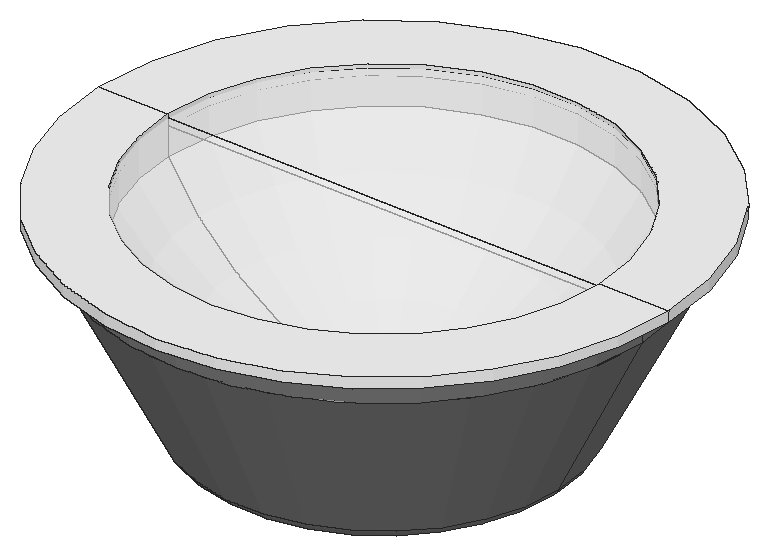
Revit family "30506", category Lighting Fixtures, host Face, Revit 2018
Family settings
  Host = Face
  Round Connector Dimension = Use Diameter
  Part Type = Normal
  OmniClass Number = 23.80.70.00
  OmniClass Title = Lighting
  Cut with Voids When Loaded = No
  Light Source = Yes
  Shared = No
  Room Calculation Point = No
Parameters (values of type "0030506 INSAVER SLIM UGR19 IP44 225 2950LM 830")
  WidthBezel_SYL = if(Size1_SYL, 20 mm, if(Size2_SYL, 20 mm, if(Size3PIR_SYL, 30 mm, if(Size4_SYL, 20 mm, 20 mm))))  # 20 mm
  Weight = "n/a"
  Wattage Comments = ""
  Wattage = 9 W
  WarrantyStartDate [instance] = "n/a"
  WarrantyGuarantorParts = "n/a"
  WarrantyDurationUnit = "n/a"
  WarrantyDurationParts = ""
  WarrantyDescription = "http://www.sylvania-lighting.com"
  built-in parameter 1150110 = 1 (stored number, unit not read)
  Voltage = 230 V
  VisibilityPIR_SYL = Size3PIR_SYL  # no
  URL = "0.9"
  TypeName = "Insaver Slim UGR19 IP44 225 2950LM 830"
  Type Image = <None>
  Type Comments = "n/a"
  built-in parameter 1114217 = 1 (stored number, unit not read)
  Tilt Angle = -90.00°
  built-in parameter 1150109 = 1 (stored number, unit not read)
  built-in parameter 1150134 = (empty or 0)
  built-in parameter 1150113 = 1 (stored number, unit not read)
  Size4_SYL = no
  Size3PIR_SYL = no
  Size2_SYL = no
  Size1_SYL = yes
  SerialNumber [instance] = "n/a"
  RadiusTop_SYL = 6 mm
  RadiusReflector_SYL = if(Size1_SYL, 85 mm, if(Size2_SYL, 85 mm, if(Size3PIR_SYL, 85 mm, if(Size4_SYL, 100 mm, 120 mm))))  # 85 mm
  Photometric Web File = "0030506.IES"
  Material_3_FEILO = Top-Sylvania-STARTDownlight
  PowerFactor = 0.9
  PowerConsumption = "Lighting"
  NominalLength = 165 mm
  NominalHeight = 50 mm
  NominalDepth = 165 mm
  Name = "Insaver Slim UGR19 IP44 225 2950LM 830"
  ModelReference = Name  # "Insaver Slim UGR19 IP44 225 2950LM 830"
  ModelNumber = "0030506"
  Model = Name  # "Insaver Slim UGR19 IP44 225 2950LM 830"
  Material = "Feilo Sylvania"
  ManufacturerName = "123 lm/W"
  Manufacturer = ""
  LuminousEfficacy = ""
  built-in parameter 1150105 = 83.795 (stored number, unit not read)
  Lumens = 1053 lm
  LuminaireType = "0"
  built-in parameter 1150115 = 1 (stored number, unit not read)
  LightOutputRatio = "LED"
  built-in parameter 1150137 = (empty or 0)
  built-in parameter 1150139 = (empty or 0)
  LampsType = Lamp  # "n/a"
  LampNominalLuminous = "3000 K"
  LampMacAdamStep = "80"
  LampColourTemperature = "LED"
  LampColourRenderingIndex = "16500"
  built-in parameter 1150112 = 1 (stored number, unit not read)
  built-in parameter 1150114 = 1 (stored number, unit not read)
  Lamp = "n/a"
  Keynote = "n/a"
  InstallationDate [instance] = "n/a"
  InputVoltage = "0"
  InputNominalFrequency = "3000"
  built-in parameter 1150132 = (empty or 0)
  built-in parameter 1150102 = (empty or 0)
  built-in parameter 1150107 = 3000 (stored number, unit not read)
  built-in parameter 1150138 = (empty or 0)
  IngressProtection = "IfcLightFixtureType"
  ImpactProtectionIndex = "IfcLightFixtureType"
  built-in parameter 1150106 = 0.83795 (stored number, unit not read)
  IfcExportType = "IfcLightFixtureType"
  IfcExportAs = "Class II"
  Height_SYL = if(Size1_SYL, 61 mm, if(Size2_SYL, 61 mm, if(Size3PIR_SYL, 61 mm, if(Size4_SYL, 61 mm, 60 mm))))  # 61 mm
  HeightBezel_SYL = if(Size1_SYL, 3 mm, if(Size2_SYL, 3 mm, if(Size3PIR_SYL, 3 mm, if(Size4_SYL, 3.2 mm, 3 mm))))  # 3 mm
  ExpectedLife = 50000
  Emit from Circle Diameter = Diameter_SYL - 40 mm  # 125 mm
  Emit Shape Visible in Rendering = no
  ElectricShockClassification = "123"
  built-in parameter 1150104 = 10.87 (stored number, unit not read)
  DurationUnit = "hours"
  DocumentationLiterature = "http://www.sylvania-lighting.com/product/en-int/products/0030506"
  DimmingControlOptions = "n/a"
  Material_2_FEILO = Diffuser-Sylvania-STARTDownlight
  Dimming Lamp Color Temperature Shift = <None>
  Diameter_SYL = if(Size1_SYL, 165 mm, if(Size2_SYL, 190 mm, if(Size3PIR_SYL, 211 mm, if(Size4_SYL, 220 mm, 240 mm))))  # 165 mm
  DiameterTop_SYL = if(Size1_SYL, 98 mm, if(Size2_SYL, 122 mm, if(Size3PIR_SYL, 120 mm, if(Size4_SYL, 135 mm, 158 mm))))  # 98 mm
  DiameterTopBase_SYL = DiameterRecess_SYL  # 150 mm
  DiameterRecess_SYL = if(Size1_SYL, 150 mm, if(Size2_SYL, 170 mm, if(Size3PIR_SYL, 186 mm, if(Size4_SYL, 200 mm, 225 mm))))  # 150 mm
  Description = "Insaver Slim is a ceiling recessed LED downlight (IP44 from the front),Die-cast aluminium body, loop in loop out connector for quick installation, Non dimmable LED driver, 24W; 2950lm; 123lm/W; 3000K; UGR <19 with shallow product depth 65mm. Meets TP(a) requirements."
  Default Elevation = 1219.2 mm
  CreatedOn = "05/03/2024"
  CreatedBy = "@sylvania-lighting.com"
  Cost = 0
  Color Filter = 16777215
  built-in parameter 1114216 [instance] = (empty or 0)
  ClassificationValue = "EF_70_80"
  ClassificationName = "Uniclass2015"
  Material_1_FEILO = Trim-Sylvania-STARTDownlight-White
  BarCode [instance] = "n/a"
  built-in parameter 1114218 = 1 (stored number, unit not read)
  built-in parameter 1150133 = 10 (stored number, unit not read)
  AssetType = "Fixed"
  AssetIdentifier [instance] = "n/a"
  Assembly Code = "D5020200"
  Apparent Load = 24 VA
  Material_4_FEILO = LED-Sylvania-STARTDownlight
Reference planes
  plane 1 "Center (Front/Back)": y = 0
  plane 2: z = 0
  plane 3 "Center (Left/Right)": x = 0
  plane 4: x = 82.5
  plane 5: x = -82.5
  plane 6: z = 3
  plane 7: z = -8
  plane 8: z = -58
  plane 9: x = -75
  plane 10: x = 75
  plane 11: x = -49
  plane 12: x = 49
  plane 13: z = -85
  plane 14: x = -62.5
  plane 15: z = 2
  plane 16: z = -46
  plane 17: x = -16
  plane 18: x = -67.5
  plane 19: x = -81.5
  plane 20: x = -99.5
  plane 21: x = -76.5
  plane 22: z = 5.5
  plane 23: z = 8.7
  plane 24: x = -75.5
  plane 25: z = 13.7
Forms (mm)
  Revolve 1, void
    sketch origin (0, 0, 0) x (1, 0, 0) y (0, 0, 1)
      loop
        line (0, 0) -> (-75, 0) -> (-75, -85) -> (0, -85) -> (0, 0)
      axis (0, 0) -> (0, -85)
    angle from 360 to 0
  Revolve 2, solid, material "Trim-Sylvania-STARTDownlight-White" <- "Material_1_FEILO"
    sketch origin (0, 0, 0) x (1, 0, 0) y (0, 0, 1)
      loop
        line (-62.5, 3) -> (-82.5, 3) -> (-82.5, 0) -> (-75, 0) -> (-75, -8) -> (-50.681, -54.768)
        arc (-50.681, -54.768) -> (-48.471, -57.129) -> (-45.357, -58) r 6
        line (-45.357, -58) -> (0, -58) -> (0, -46) -> (-16, -46)
        arc (-16, -46) -> (-42.718, -31.243) -> (-62.5, -8) r 85
        line (-62.5, -8) -> (-62.5, 3)
      axis (0, 3) -> (0, -58)
    angle from 360 to 0
  Revolve 3, solid, material "Diffuser-Sylvania-STARTDownlight" <- "Material_2_FEILO"
    sketch origin (0, 0, 0) x (1, 0, 0) y (0, 0, 1)
      loop
        line (-62.5, 0) -> (0, 0) -> (0, 2) -> (-62.5, 2) -> (-62.5, 0)
      axis (0, 2) -> (0, 0)
    angle from 360 to 0
  Revolve 4, solid, material "Trim-Sylvania-STARTDownlight-White" <- "Material_1_FEILO", visible <- "VisibilityPIR_SYL"
    sketch origin (0, 0, 0) x (1, 0, 0) y (0, 0, 1)
      loop
        line (-67.5, 3) -> (-67.5, 13.7)
        arc (-67.5, 13.7) -> (-72.217, 12.347) -> (-75.5, 8.7) r 8.9
        line (-75.5, 8.7) -> (-75.5, 5.5) -> (-76.5, 5.5) -> (-76.5, 3) -> (-67.5, 3)
      axis (-67.5, 13.7) -> (-67.5, 3)
    angle from 360 to 0
Dimensions and locks
  equal spacing: plane 4, plane 3 "Center (Left/Right)", plane 5
  "Diameter_SYL": plane 4 to plane 5
  equal spacing: plane 10, plane 3 "Center (Left/Right)", plane 9
  equal spacing: plane 12, plane 3 "Center (Left/Right)", plane 11
  "DiameterTop_SYL": plane 12 to plane 11
  "HeightBezel_SYL": plane 6 to plane 2
  "Height_SYL": plane 6 to plane 8
  locked: plane 2 to plane 7 at 8
  locked: plane 2 to plane 13 at 85
  "WidthBezel_SYL": plane 14 to plane 5
  locked: plane 6 to plane 15 at 1
  "DiameterRecess_SYL": plane 10 to plane 9
  locked: plane 3 "Center (Left/Right)" to plane 17 at 16
  locked: plane 16 to plane 8 at 12
  locked: plane 18 to plane 21 at 9
  locked: plane 22 to plane 6 at 2.5
  locked: plane 23 to plane 22 at 3.2
  locked: plane 18 to plane 24 at 8
  locked: plane 25 to plane 23 at 5
  locked: plane 25 to Revolve 4 sketch curve at 8.9
  locked: plane 18 to plane 5 at 15
  "RadiusReflector_SYL": radius of Revolve 2 sketch curve
  "RadiusTop_SYL": radius of Revolve 2 sketch curve
  aligned and locked: plane 2 to host face
  aligned and locked: level to host face
  aligned and locked: Revolve 1 sketch curve to plane 3 "Center (Left/Right)"
  aligned and locked: plane 3 "Center (Left/Right)" to Revolve 1 sketch curve
  aligned and locked: Revolve 1 sketch curve to plane 9
  aligned and locked: plane 13 to Revolve 1 sketch curve
  aligned and locked: plane 3 "Center (Left/Right)" to imposter light
  aligned and locked: imposter light to plane 15
  aligned and locked: imposter light to plane 1 "Center (Front/Back)"
  aligned and locked: Revolve 2 sketch curve to plane 3 "Center (Left/Right)"
  aligned and locked: Revolve 2 sketch curve to plane 6
  aligned and locked: Revolve 2 sketch curve to plane 5
  aligned and locked: Revolve 2 sketch curve to level
  aligned and locked: plane 7 to Revolve 2 sketch curve  (x2)
  aligned and locked: Revolve 2 sketch curve to plane 9
  aligned and locked: plane 8 to Revolve 2 sketch curve
  aligned and locked: Revolve 2 sketch curve to plane 14
  aligned and locked: plane 3 "Center (Left/Right)" to Revolve 2 sketch curve
  aligned and locked: Revolve 2 sketch curve to plane 16
  aligned and locked: Revolve 3 sketch curve to plane 3 "Center (Left/Right)"
  aligned and locked: Revolve 3 sketch curve to level
  aligned and locked: imposter light to Revolve 3 sketch curve  (x2)
  aligned and locked: Revolve 4 sketch curve to plane 18  (x2)
  aligned and locked: Revolve 4 sketch curve to plane 6
  aligned and locked: plane 22 to Revolve 4 sketch curve
  aligned and locked: plane 24 to Revolve 4 sketch curve
  aligned and locked: Revolve 4 sketch curve to Revolve 4 sketch curve
  aligned and locked: plane 21 to Revolve 4 sketch curve
Automatic sketch dimensions
  host sketch curve to host sketch curve = 2438.4 mm  (x2)
  plane 13 to Revolve 1 sketch curve = 524.6 mm
  Revolve 1 sketch curve to plane 6 = 2606.058 mm
  Revolve 1 sketch curve to level = 0 mm
  Revolve 2 sketch curve to plane 17 = 0 mm
  Revolve 2 sketch curve to plane 11 = 1.681 mm
  plane 11 to Revolve 2 sketch curve = 3.643 mm
  plane 13 to Revolve 2 sketch curve = 524.6 mm
  Revolve 2 sketch curve to Revolve 2 sketch curve = 2577.983 mm
  Revolve 3 sketch curve to plane 14 = 0 mm
  plane 13 to Revolve 3 sketch curve = 524.6 mm
  Revolve 3 sketch curve to plane 6 = 2606.058 mm
  Revolve 4 sketch curve to plane 23 = 0 mm
  plane 13 to Revolve 4 sketch curve = 524.6 mm
  Revolve 4 sketch curve to Revolve 4 sketch curve = 2595.358 mm
Connectors
  electrical at (0, 0, 0), driven by "Apparent Load", driven by "PowerFactor", driven by "Voltage"
    settings: index 1, voltage 230 V, apparent load 24 VA, apparent load phase1 0 VA, apparent load phase2 0 VA, apparent load phase3 0 VA, power factor 0.9, load classification "Lighting", number of poles 1, system type 30, power factor state 1, is connector primary yes, connector utility no, sub classification motor no, connector description ""
